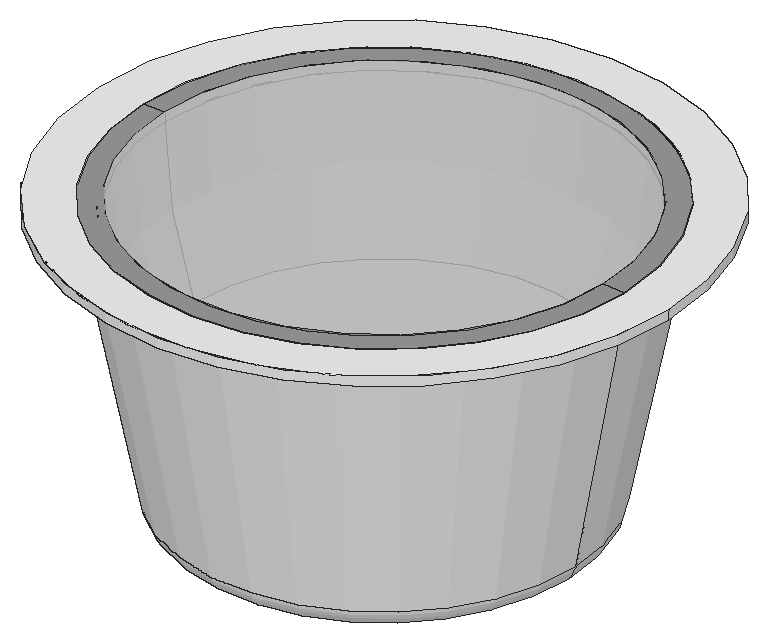
Revit family "2060565 Sylvania Lighting Fixture ASCENT 100 II ARCH 2700 4K STD 160", category Lighting Fixtures, host Face, Revit 2016
Family settings
  Host = Face
  Part Type = Normal
  Round Connector Dimension = Use Diameter
  OmniClass Number = 23.80.70.11.17
  OmniClass Title = Specialized Lighting by Location or Use
  Cut with Voids When Loaded = No
  Light Source = Yes
  Shared = No
  Room Calculation Point = No
Parameters (values of type "2060565 ASCT100 II ARCH 2700 4K STD 160")
  WidthBezelAcc_SYL = 25.0 mm
  Weight = "1.2 kg"
  Wattage = 21 W
  WarrantyStartDate [instance] = "n/a"
  WarrantyGuarantorParts = "n/a"
  WarrantyDurationUnit = "n/a"
  WarrantyDurationParts = "n/a"
  WarrantyDescription = "n/a"
  built-in parameter 1150110 = 1 (stored number, unit not read)
  Voltage = 0 V
  VisibilityAccessory_SYL = no
  TypeName = "ASCENT 100 II ARCH 2700 4K STD 160"
  built-in parameter 1114217 = 1 (stored number, unit not read)
  Tilt Angle = -90°
  built-in parameter 1150109 = 1 (stored number, unit not read)
  built-in parameter 1150134 = 12
  built-in parameter 1150113 = 1 (stored number, unit not read)
  SerialNumber [instance] = "n/a"
  ReflectorRadius_SYL = Radius_SYL - 14.5 mm  # 80.0 mm
  RadiusAcc_SYL = 105.0 mm
  Radius_SYL = 94.5 mm
  URL = "http://www.sylvania-lighting.com"
  PowerFactor = 0
  PowerConsumption = "21 W"
  Photometric Web File = "2060565.ies"
  NominalWidth = 0.0 mm
  NominalLength = 0.0 mm
  NominalHeight = 94.0 mm
  Name = "ASCENT 100 II ARCH 2700 4K STD 160"
  ModelReference = "ASCENT 100 II ARCH 2700 4K STD 160"
  ModelNumber = "2060565"
  Material_4_SYL = none
  Material_3_SYL = Polycarbonate_Sylvania_Ascent_Opal
  Material_2_SYL = Aluminium_Sylvania_Ascent_Silver
  Material_1_SYL = Aluminum_Sylvania_Ascent_White
  Material = "aluminium housing, arcylic diffuser"
  ManufacturerName = "Feilo Sylvania"
  LuminousEfficacy = "132 lm/W"
  built-in parameter 1150105 = 220.59 (stored number, unit not read)
  Lumens = 2772 lm
  LuminaireType = ""
  built-in parameter 1150115 = 1 (stored number, unit not read)
  LightOutputRatio = "100"
  built-in parameter 1150137 = (empty or 0)
  built-in parameter 1150139 = (empty or 0)
  LampsType = Lamp  # "LED"
  LampNominalLuminous = "2767 lm"
  LampMacAdamStep = "3"
  LampColourTemperature = "4000 K"
  LampColourRenderingIndex = "80"
  built-in parameter 1150112 = 1 (stored number, unit not read)
  built-in parameter 1150114 = 1 (stored number, unit not read)
  Keynote = "16500"
  InstallationDate [instance] = "n/a"
  InputVoltage = "n/a"
  InputNominalFrequency = "n/a"
  built-in parameter 1150132 = (empty or 0)
  built-in parameter 1150102 = (empty or 0)
  built-in parameter 1150107 = 4000 (stored number, unit not read)
  built-in parameter 1150138 = (empty or 0)
  IngressProtection = "IP40"
  ImpactProtectionIndex = "IK02"
  built-in parameter 1150106 = 2.2059 (stored number, unit not read)
  IfcExportType = "IfcLightFixtureType"
  IfcExportAs = "IfcLightFixtureType"
  Height_SYL = 94.0 mm
  HeightAcc_SYL = 7.0 mm
  ExpectedLife = 50000
  EmittionSurface_SYL = if(VisibilityAccessory_SYL, 7.0 mm, 3.0 mm)  # 3.0 mm
  Emit from Circle Diameter = DiffuserRadius_SYL * 2  # 146.0 mm
  Emit Shape Visible in Rendering = no
  ElectricShockClassification = "Class II"
  built-in parameter 1150104 = 12.263 (stored number, unit not read)
  DurationUnit = "hours"
  DocumentationLiterature = "http://www.sylvania-lighting.com/product/en-int/products/2060565"
  DimmingControlOptions = "n/a"
  Dimming Lamp Color Temperature Shift = <None>
  DiffuserRadius_SYL = ReflectorRadius_SYL - 7.0 mm  # 73.0 mm
  Diameter_SYL = 2 * Radius_SYL  # 189.0 mm
  CutoutDiameter_SYL = Diameter_SYL - 13.0 mm  # 176.0 mm
  CreatedOn = "9/17/2018"
  CreatedBy = "@sylvania-lighting.com"
  Color Filter = 16777215
  built-in parameter 1114216 [instance] = 1 (stored number, unit not read)
  Model = "ASCENT 100 II ARCH 2700 4K STD 160"
  Manufacturer = "Feilo Sylvania"
  Lamp = "LED"
  Description = "Direct LED retro fit for original LED 100 Arch (160) single CFL lamp offering Matching lumen levels and improved light distribution of original LED 100 CFL lamp equivalents Typically half the power consumption compared to CFL Up to 112lm/W 160mm aperture Architectural reflector accepts range of glass accessories from existing LED 100 Arch 160 offering HE, HO and VHO versions equivalent of single 1 x 18W, 1 x 32W, 1 x 42W\r\n Additional VVHO versions which offer the performance circa 2 x 32W equivalent"  # constant formula
  Default Elevation = 0.0 mm
  built-in parameter 1140040 [instance] = 1
  BarCode [instance] = "n/a"
  built-in parameter 1114218 = 1 (stored number, unit not read)
  built-in parameter 1150133 = 10 (stored number, unit not read)
  AssetType = "Fixed"
  AssetIdentifier [instance] = "n/a"
  Assembly Code = "D5020200"
  Apparent Load = 21 VA
  Aperture_SYL = 2 * ReflectorRadius_SYL  # 160.0 mm
Reference planes
  plane 1 "Center (Front/Back)": y = 0
  plane 2: z = 0
  plane 3 "Center (Left/Right)": x = 0
  plane 4 "Fixture Bottom": z = 3
  plane 5: z = -52.5
  plane 6 "Fixture Top": z = -91
  plane 7: x = -105
  plane 8: z = 7
  plane 9: x = -80
  plane 10: z = 5
  plane 11: x = -103
Forms (mm)
  Extrusion 1, solid, material "Aluminum_Sylvania_Ascent_White", detail levels fine
    sketch origin (0, 0, 0) x (1, 0, 0) y (0, 1, 0)
      loop
        circle (0, 0) r 94.5
      loop
        circle (0, 0) r 80
    from 0 to 3
  Extrusion 2, void
    sketch origin (0, 0, 0) x (1, 0, 0) y (0, 1, 0)
      loop
        circle (0, 0) r 88
    from -91 to 3
  Revolve 3, solid, material "Aluminum_Sylvania_Ascent_White" <- "Material_1_SYL", detail levels fine
    sketch origin (0, 0, 0) x (1, 0, 0) y (0, 0, 1)
      loop
        line (0, -91.073) -> (0, -89.023) -> (-55.468, -89.014)
        arc (-55.468, -89.014) -> (-59.352, -87.613) -> (-61.54, -84.139) r 6.307
        line (-61.54, -84.139) -> (-77.991, -2.844) -> (-77.991, 0) -> (-80, 0) -> (-80, -3) -> (-63.5, -84.536)
        arc (-63.5, -84.536) -> (-60.643, -89.203) -> (-55.5, -91.073) r 8.291
        line (-55.5, -91.073) -> (0, -91.073)
      axis (0, 0) -> (0, -91.073)
    angle from 0 to 360
  Revolve 4, solid, material "Aluminium_Sylvania_Ascent_Silver" <- "Material_2_SYL", detail levels fine
    sketch origin (0, 0, 0) x (1, 0, 0) y (0, 0, 1)
      loop
        line (-80, 3) -> (-80, 0) -> (-75, 0)
        arc (-75, 0) -> (-72.349, -26.77) -> (-64.5, -52.5) r 136.5
        line (-64.5, -52.5) -> (-58, -52.5)
        arc (-58, -52.5) -> (-56.857, -61.521) -> (-53.5, -69.971) r 36.166
        line (-53.5, -69.971) -> (0, -69.971) -> (0, -50.5) -> (-63.16, -50.5)
        arc (-63.16, -50.5) -> (-70.517, -25.725) -> (-73, 0) r 134.5
        line (-73, 0) -> (-73, 3) -> (-80, 3)
      axis (0, 3) -> (0, -69.971)
    angle from 0 to 360
  Extrusion 5, solid, material "Polycarbonate_Sylvania_Ascent_Opal" <- "Material_3_SYL", detail levels fine
    sketch origin (0, 0, 0) x (1, 0, 0) y (0, 1, 0)
      loop
        circle (0, 0) r 73
    from 0 to 3
  Revolve 6, solid, material "Aluminum_Sylvania_Ascent_White" <- "Material_1_SYL", detail levels coarse+medium
    sketch origin (0, 0, 0) x (1, 0, 0) y (0, 0, 1)
      loop
        line (0, -91.073) -> (0, 3) -> (-94.5, 3) -> (-94.5, 0) -> (-79.5, 0) -> (-79.5, -3) -> (-63, -84.536)
        arc (-63, -84.536) -> (-60.143, -89.203) -> (-55, -91.073) r 8.291
        line (-55, -91.073) -> (0, -91.073)
      axis (0, 3) -> (0, -91.073)
    angle from 0 to 360
  Revolve 7, solid, material "Aluminum_Sylvania_Ascent_White" <- "Material_1_SYL", visible <- "VisibilityAccessory_SYL"
    sketch origin (0, 0, 0) x (1, 0, 0) y (0, 0, 1)
      loop
        line (-105, 0) -> (-103, 0) -> (-103, 5) -> (-80, 5) -> (-80, 7) -> (-105, 7) -> (-105, 0)
      axis (0, 7) -> (0, 0)
    angle from 0 to 360
  Revolve 8, solid, material "Polycarbonate_Sylvania_Ascent_Opal" <- "Material_3_SYL", visible <- "VisibilityAccessory_SYL"
    sketch origin (0, 0, 0) x (1, 0, 0) y (0, 0, 1)
      loop
        line (-80, 7) -> (-80, 5) -> (0, 5) -> (0, 7) -> (-80, 7)
      axis (0, 7) -> (0, 5)
    angle from 0 to 360
Lines and regions (mm)
  reference lines
    curve 1: line (-150, 0, 3) -> (125, 0, 3)
Dimensions and locks
  locked: plane 4 "Fixture Bottom" to plane 2 at 3
  "Height_SYL": plane 4 "Fixture Bottom" to plane 6 "Fixture Top"
  "ReflectorRadius_SYL": plane 3 "Center (Left/Right)" to Revolve 4 sketch curve
  locked: Revolve 4 sketch curve to Revolve 4 sketch curve at 15.5
  locked: Revolve 4 sketch curve to Revolve 4 sketch curve at 5
  locked: Revolve 4 sketch curve to Revolve 4 sketch curve at 7
  locked: Revolve 4 sketch curve to Revolve 4 sketch curve at 22
  locked: Revolve 4 sketch curve to Revolve 4 sketch curve at 26.5
  locked: Revolve 3 sketch curve to Revolve 3 sketch curve at 16.5
  locked: Revolve 3 sketch curve to Revolve 3 sketch curve at 24.5
  "ReflectorRadius_SYL": Revolve 3 sketch curve to plane 3 "Center (Left/Right)"
  locked: Revolve 3 sketch curve to plane 6 "Fixture Top" at 6.464
  locked: plane 2 to Revolve 3 sketch curve at 3
  locked: Revolve 3 sketch curve to Revolve 3 sketch curve at 2
  locked: Revolve 3 sketch curve to Revolve 3 sketch curve at 2.009
  locked: plane 2 to plane 5 at 52.5
  locked: Revolve 6 sketch curve to Revolve 6 sketch curve at 31.5
  locked: Revolve 6 sketch curve to Revolve 6 sketch curve at 39.5
  locked: Revolve 6 sketch curve to Revolve 6 sketch curve at 15
  "Radius_SYL": plane 3 "Center (Left/Right)" to Revolve 6 sketch curve
  "RadiusAcc_SYL": plane 3 "Center (Left/Right)" to plane 7
  "HeightAcc_SYL": plane 8 to level
  "WidthBezelAcc_SYL": plane 7 to plane 9
  locked: plane 7 to plane 11 at 2
  locked: plane 8 to plane 10 at 2
  "EmittionSurface_SYL": curve 1 to level
  "CutoutDiameter_SYL": diameter of Extrusion 2 sketch curve
  "ReflectorRadius_SYL": radius of Extrusion 1 sketch curve
  "DiffuserRadius_SYL": radius of Extrusion 5 sketch curve
  "Radius_SYL": radius of Extrusion 1 sketch curve
  aligned and locked: host face to plane 2
  aligned and locked: host face to level
  aligned and locked: plane 4 "Fixture Bottom" to Extrusion 1
  aligned and locked: Extrusion 1 to plane 2
  aligned and locked: Revolve 3 sketch curve to plane 3 "Center (Left/Right)"
  aligned and locked: Revolve 4 sketch curve to plane 3 "Center (Left/Right)"  (x2)
  aligned and locked: plane 4 "Fixture Bottom" to Revolve 4 sketch curve
  aligned and locked: Extrusion 5 to plane 2
  aligned and locked: plane 2 to Revolve 3 sketch curve  (x2)
  aligned and locked: Revolve 6 sketch curve to plane 3 "Center (Left/Right)"
  aligned and locked: plane 6 "Fixture Top" to Extrusion 2
  aligned and locked: Revolve 7 sketch curve to plane 3 "Center (Left/Right)"
  aligned and locked: host face to Revolve 7 sketch curve  (x2)
  aligned and locked: Revolve 7 sketch curve to plane 7
  aligned and locked: plane 8 to Revolve 7 sketch curve
  aligned and locked: plane 9 to Revolve 7 sketch curve
  aligned and locked: Revolve 7 sketch curve to plane 10
  aligned and locked: plane 11 to Revolve 7 sketch curve
  aligned and locked: Revolve 7 to Revolve 8 sketch curve
  aligned and locked: Revolve 8 sketch curve to Revolve 7  (x2)
  aligned and locked: Revolve 8 sketch curve to plane 3 "Center (Left/Right)"  (x2)
  aligned and locked: plane 3 "Center (Left/Right)" to imposter light
  aligned and locked: imposter light to plane 1 "Center (Front/Back)"
  aligned and locked: imposter light to curve 1
Automatic sketch dimensions
  plane 1 "Center (Front/Back)" to Extrusion 2 sketch curve = 0.0 mm
  Extrusion 2 sketch curve to plane 3 "Center (Left/Right)" = 0.0 mm
  Extrusion 1 sketch curve to Extrusion 1 sketch curve = 0.0 mm  (x2)
  plane 1 "Center (Front/Back)" to Extrusion 1 sketch curve = 0.0 mm
  Extrusion 1 sketch curve to plane 3 "Center (Left/Right)" = 0.0 mm
  plane 6 "Fixture Top" to Revolve 3 sketch curve = 0.073 mm
  Revolve 3 sketch curve to plane 6 "Fixture Top" = 6.861 mm
  Revolve 3 sketch curve to Revolve 3 sketch curve = 0.003 mm
  Revolve 3 sketch curve to Revolve 3 sketch curve = 0.009 mm  (x2)
  Revolve 3 sketch curve to Revolve 3 sketch curve = 0.023 mm
  Revolve 3 sketch curve to Revolve 3 sketch curve = 0.072 mm
  Revolve 3 sketch curve to Revolve 3 sketch curve = 0.008 mm
  Revolve 3 sketch curve to plane 6 "Fixture Top" = 1.977 mm
  Revolve 3 sketch curve to Revolve 3 sketch curve = 33.496 mm
  Revolve 3 sketch curve to Revolve 3 sketch curve = 0.028 mm
  plane 4 "Fixture Bottom" to Revolve 3 sketch curve = 82.431 mm
  Revolve 4 sketch curve to Revolve 4 sketch curve = 0.0 mm  (x2)
  Revolve 4 sketch curve to plane 5 = 0.0 mm
  Revolve 4 sketch curve to level = 0.0 mm
  plane 5 to Revolve 4 sketch curve = 2.0 mm
  plane 4 "Fixture Bottom" to Revolve 4 sketch curve = 9.642 mm
  plane 1 "Center (Front/Back)" to Extrusion 5 sketch curve = 0.0 mm
  Extrusion 5 sketch curve to plane 3 "Center (Left/Right)" = 0.0 mm
  Revolve 4 sketch curve to level = 69.971 mm
  Revolve 4 sketch curve to Revolve 4 sketch curve = 2.387 mm
  Revolve 6 sketch curve to level = 0.0 mm
  Revolve 6 sketch curve to plane 3 "Center (Left/Right)" = 0.0 mm
  Revolve 6 sketch curve to Revolve 6 sketch curve = 8.104 mm
  Revolve 6 sketch curve to level = 3.0 mm
  Revolve 6 sketch curve to plane 6 "Fixture Top" = 6.464 mm
  plane 6 "Fixture Top" to Revolve 6 sketch curve = 0.073 mm
  Revolve 6 sketch curve to Revolve 6 sketch curve = 33.496 mm
  plane 4 "Fixture Bottom" to Revolve 6 sketch curve = 82.431 mm
  host sketch curve to host sketch curve = 1704.996 mm
  host sketch curve to host sketch curve = 1500.0 mm
  plane 6 "Fixture Top" to Revolve 7 sketch curve = 281.274 mm
  Revolve 7 sketch curve to plane 8 = 1140.706 mm
  plane 6 "Fixture Top" to Revolve 8 sketch curve = 281.274 mm
  Revolve 8 sketch curve to Revolve 8 sketch curve = 1140.706 mm
  Revolve 3 sketch curve to plane 3 "Center (Left/Right)" = 0.0 mm
  Revolve 6 sketch curve to plane 4 "Fixture Bottom" = 0.0 mm
  plane 7 to curve 1 = 45.0 mm
  plane 3 "Center (Left/Right)" to curve 1 = 125.0 mm
Connectors
  electrical at (0, 0, -91.073), driven by "Apparent Load"
    settings: on Revolve 3, index 1, voltage 240 V, apparent load 0 VA, apparent load phase1 21 VA, apparent load phase2 0 VA, apparent load phase3 0 VA, power factor 1, load classification "Lighting", number of poles 1, system type 31, power factor state 1, is connector primary yes, connector utility no, sub classification motor no, connector description ""
